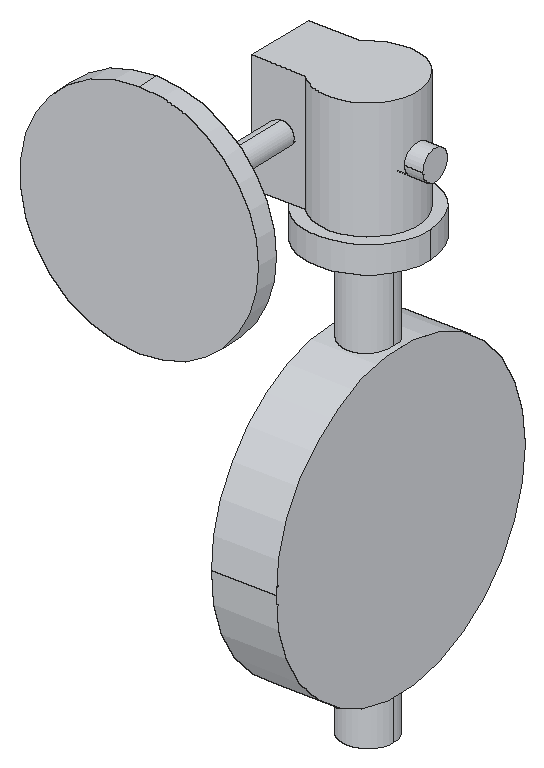
Revit family "HS497-67_disk-litina-převodové kolo DN250-RFA_2019", category Pipe Accessories, Revit 2019
Family settings
  Round Connector Dimension = Use Diameter
  Part Type = Valve - Breaks Into
  Work Plane-Based = No
  Always vertical = Yes
  Cut with Voids When Loaded = No
  Shared = No
Parameters (values of type "HS 497-67_DN250_PN16_převodové kolo")
  magiProductId = "5ee9016806664ddfaa2632711f295c"
  magiProductFamilyId = "53cea81e6f374d17b8841d9c72ad77"
  magiPartTypeId = 305
  isMeasuringValve [instance] = no
  ang2D [instance] = 0.00°
  X11 = 88.77 mm
  X1 = 36.77 mm
  W2D = 1000 mm
  VersionID = "2.0/2017.9.26.1/ZETKAMA_497_001"
  Use Minimum Symbol Size [instance] = yes
  URL = "http://www.hydronic.cz"
  Type Comments = "mezipřírubová; litinový disk; PN16; -10~+110°C (krátkodobě +120°C)"
  SW30 = yes
  SW3 = yes
  SW21 = no
  SW20 = no
  SW2 = no
  SW1 = no
  R = 125 mm
  QmdConnectorList = "301;D;302;D"
  Productdata [instance] = ""
  NC = 70 mm
  Model = ""
  Manufacturer = "Hydronic Systems Prague s.r.o."
  MM20 = 36.77 mm
  MC Product Code = "125 250 (litinový disk, s převodovým kolem; DN250; PN16, kvs4555)"
  M41 = 91.5 mm
  M4 = 61 mm
  LHL = 220 mm
  LHH3 = 2.45 mm
  LHH1 = 46.55 mm
  LH1 = 73.333 mm
  L4R__ve = -L4R  # -22.2 mm
  L4R = 22.2 mm
  L42__ve = -L42  # -166.5 mm
  L42 = 166.5 mm
  L41__ve = -L41  # -33.3 mm
  L41 = 33.3 mm
  L2D_Min = 3048 mm
  L2D = 216 mm
  L2 = 34 mm
  L1 = 54.4 mm
  L = 68 mm
  H = 23 mm
  G22 = 11.25 mm
  G2 = 22.5 mm
  G1 = 90 mm
  G = 130 mm
  F = 22 mm
  E44 = 62.5 mm
  E42 = 125 mm
  E4 = 250 mm
  E23 = 4.9 mm
  E22 = 19.6 mm
  E21 = 9.8 mm
  Description = "Mezipřírubová uzavírací klapka s převodovým kolem; litinový disk, DN250; PN16; kvs4555"
  DR2 = 125 mm
  DR = 324 mm
  DD1 = 31.25 mm
  DD = 25 mm
  D = 250 mm
  CAT0 = yes
  B2__ve = -B2  # -85 mm
  B2 = 85 mm
  A2 = 28.25 mm
  A1 = 129.25 mm
Types (43, lengths in mm): name | magiProductId | X11 | X1 | Type Comments | SW30 | SW3 | SW20 | SW2 | SW1 | R | NC | MM20 | MC Product Code | M41 | M4 | LHL | LHH3 | LHH1 | LH1 | L4R__ve | L4R | L42__ve | L42 | L41__ve | L41 | L2 | L1 | L | H | G | F | E44 | E42 | E4 | E23 | E22 | E21 | Description | DR2 | DR | DD1 | DD | D | B2__ve | B2 | A2 | A1
  HS 497-67_DN100_PN16_volné vřeteno | "65d1b245f4f142c78569c0602d5754" | 61.456 | 25.456 | "mezipřírubová; litinový disk; PN16; -10~+110°C (krátkodobě +120°C)" | no | no | no | no | yes | 50 | 50 | 25.456 | "123 100 (litinový disk, s volným vřetenem; DN100; PN16, kvs512)" | 66 | 44 | 220 | 2.45 | 46.55 | 73.333 | -12.8 | 12.8 | -96 | 96 | -19.2 | 19.2 | 26 | 41.6 | 52 | 30 | 90 | 11 | 31.25 | 62.5 | 125 | 4.9 | 19.6 | 9.8 | "Mezipřírubová uzavírací klapka s volným vřetenem; litinový disk, DN100; PN16; kvs512" | 50 | 147 | 15.625 | 12.5 | 100 | -56 | 56 | 16.5 | 98.5
  HS 497-67_DN100_PN16_převodové kolo | "11e91b807e674d428c8e796fcdcfe2" | 61.456 | 25.456 | "mezipřírubová; litinový disk; PN16; -10~+110°C (krátkodobě +120°C)" | yes | yes | no | no | no | 50 | 50 | 25.456 | "125 100 (litinový disk, s převodovým kolem; DN100; PN16, kvs512)" | 65.25 | 43.5 | 220 | 2.45 | 46.55 | 73.333 | -12.8 | 12.8 | -96 | 96 | -19.2 | 19.2 | 26 | 41.6 | 52 | 30 | 90 | 11 | 31.25 | 62.5 | 125 | 4.9 | 19.6 | 9.8 | "Mezipřírubová uzavírací klapka s převodovým kolem; litinový disk, DN100; PN16; kvs512" | 50 | 147 | 15.625 | 12.5 | 100 | -56 | 56 | 16.5 | 98.5
  HS 497-67_DN100_PN16_s pákou | "28172f0b3f4b47b28323ac71cf8749" | 61.456 | 25.456 | "mezipřírubová; litinový disk; PN16; -10~+110°C (krátkodobě +120°C)" | no | no | yes | yes | no | 50 | 50 | 25.456 | "120 100 (litinový disk, s pákou; DN100; PN16, kvs512)" | 66 | 44 | 260 | 3 | 57 | 86.667 | -12.8 | 12.8 | -96 | 96 | -19.2 | 19.2 | 26 | 41.6 | 52 | 30 | 90 | 11 | 31.25 | 62.5 | 125 | 6 | 24 | 12 | "Mezipřírubová uzavírací klapka s pákou; litinový disk, DN100; PN16; kvs512" | 50 | 147 | 15.625 | 12.5 | 100 | -56 | 56 | 16.5 | 98.5
  HS 497-67_DN125_PN16_volné vřeteno | "0d813d910fc14f628bb3c2efbd185c" | 61.456 | 25.456 | "mezipřírubová; litinový disk; PN16; -10~+110°C (krátkodobě +120°C)" | no | no | no | no | yes | 62.5 | 50 | 25.456 | "123 125 (litinový disk, s volným vřetenem; DN125; PN16, kvs872)" | 66 | 44 | 220 | 2.45 | 46.55 | 73.333 | -12.8 | 12.8 | -96 | 96 | -19.2 | 19.2 | 28 | 44.8 | 56 | 33 | 90 | 14 | 31.25 | 62.5 | 125 | 4.9 | 19.6 | 9.8 | "Mezipřírubová uzavírací klapka s volným vřetenem; litinový disk, DN125; PN16; kvs872" | 62.5 | 180 | 15.625 | 12.5 | 125 | -64 | 64 | 18 | 99.5
  HS 497-67_DN125_PN16_převodové kolo | "c56b7c13f372467684996fb1e0e229" | 61.456 | 25.456 | "mezipřírubová; litinový disk; PN16; -10~+110°C (krátkodobě +120°C)" | yes | yes | no | no | no | 62.5 | 50 | 25.456 | "125 125 (litinový disk, s převodovým kolem; DN125; PN16, kvs872)" | 65.25 | 43.5 | 220 | 2.45 | 46.55 | 73.333 | -13.5 | 13.5 | -101.25 | 101.25 | -20.25 | 20.25 | 28 | 44.8 | 56 | 33 | 90 | 14 | 40 | 80 | 160 | 4.9 | 19.6 | 9.8 | "Mezipřírubová uzavírací klapka s převodovým kolem; litinový disk, DN125; PN16; kvs872" | 62.5 | 180 | 20 | 16 | 125 | -64 | 64 | 18 | 99.5
  HS 497-67_DN125_PN16_s pákou | "105993c79a91492399feef7931321a" | 61.456 | 25.456 | "mezipřírubová; litinový disk; PN16; -10~+110°C (krátkodobě +120°C)" | no | no | yes | yes | no | 62.5 | 50 | 25.456 | "120 125 (litinový disk, s pákou; DN125; PN16, kvs872)" | 66 | 44 | 315 | 3.75 | 71.25 | 105 | -12.8 | 12.8 | -96 | 96 | -19.2 | 19.2 | 28 | 44.8 | 56 | 33 | 90 | 14 | 31.25 | 62.5 | 125 | 7.5 | 30 | 15 | "Mezipřírubová uzavírací klapka s pákou; litinový disk, DN125; PN16; kvs872" | 62.5 | 180 | 15.625 | 12.5 | 125 | -64 | 64 | 18 | 99.5
  HS 497-67_DN150_PN16_volné vřeteno | "50c80cb8ab434f55ab7796e5ac1331" | 61.456 | 25.456 | "mezipřírubová; litinový disk; PN16; -10~+110°C (krátkodobě +120°C)" | no | no | no | no | yes | 75 | 50 | 25.456 | "123 150 (litinový disk, s volným vřetenem; DN150; PN16, kvs1347)" | 66 | 44 | 220 | 2.45 | 46.55 | 73.333 | -12.8 | 12.8 | -96 | 96 | -19.2 | 19.2 | 28 | 44.8 | 56 | 33 | 90 | 14 | 31.25 | 62.5 | 125 | 4.9 | 19.6 | 9.8 | "Mezipřírubová uzavírací klapka s volným vřetenem; litinový disk, DN150; PN16; kvs1347" | 75 | 206 | 15.625 | 12.5 | 150 | -58 | 58 | 19.3 | 98.7
  HS 497-67_DN150_PN16_převodové kolo | "d94a1a0cf83b476eb10011b327f709" | 61.456 | 25.456 | "mezipřírubová; litinový disk; PN16; -10~+110°C (krátkodobě +120°C)" | yes | yes | no | no | no | 75 | 50 | 25.456 | "125 150 (litinový disk, s převodovým kolem; DN150; PN16, kvs1347)" | 65.25 | 43.5 | 220 | 2.45 | 46.55 | 73.333 | -13.5 | 13.5 | -101.25 | 101.25 | -20.25 | 20.25 | 28 | 44.8 | 56 | 33 | 90 | 14 | 40 | 80 | 160 | 4.9 | 19.6 | 9.8 | "Mezipřírubová uzavírací klapka s převodovým kolem; litinový disk, DN150; PN16; kvs1347" | 75 | 206 | 20 | 16 | 150 | -58 | 58 | 19.3 | 98.7
  HS 497-67_DN150_PN16_s pákou | "4d2835523fe84828bc50ff0a5a0dfb" | 61.456 | 25.456 | "mezipřírubová; litinový disk; PN16; -10~+110°C (krátkodobě +120°C)" | no | no | yes | yes | no | 75 | 50 | 25.456 | "120 150 (litinový disk, s pákou; DN150; PN16, kvs1347)" | 66 | 44 | 315 | 3.75 | 71.25 | 105 | -12.8 | 12.8 | -96 | 96 | -19.2 | 19.2 | 28 | 44.8 | 56 | 33 | 90 | 14 | 31.25 | 62.5 | 125 | 7.5 | 30 | 15 | "Mezipřírubová uzavírací klapka s pákou; litinový disk, DN150; PN16; kvs1347" | 75 | 206 | 15.625 | 12.5 | 150 | -58 | 58 | 19.3 | 98.7
  HS 497-67_DN200_PN16_volné vřeteno | "5b29029eaeba47139ee1055a4b9201" | 61.456 | 25.456 | "mezipřírubová; litinový disk; PN16; -10~+110°C (krátkodobě +120°C)" | no | no | no | no | yes | 100 | 50 | 25.456 | "123 200 (litinový disk, s volným vřetenem; DN200; PN16, kvs2675)" | 66 | 44 | 220 | 2.45 | 46.55 | 73.333 | -12.8 | 12.8 | -96 | 96 | -19.2 | 19.2 | 30 | 48 | 60 | 33 | 90 | 17 | 31.25 | 62.5 | 125 | 4.9 | 19.6 | 9.8 | "Mezipřírubová uzavírací klapka s volným vřetenem; litinový disk, DN200; PN16; kvs2675" | 100 | 257 | 15.625 | 12.5 | 200 | -70 | 70 | 22.5 | 102.5
  HS 497-67_DN200_PN16_převodové kolo | "b2793cc1fcc44cf2a35062cd67c04f" | 61.456 | 25.456 | "mezipřírubová; litinový disk; PN16; -10~+110°C (krátkodobě +120°C)" | yes | yes | no | no | no | 100 | 57 | 25.456 | "125 200 (litinový disk, s převodovým kolem; DN200; PN16, kvs2675)" | 78.75 | 52.5 | 220 | 2.45 | 46.55 | 73.333 | -15.2 | 15.2 | -114 | 114 | -22.8 | 22.8 | 30 | 48 | 60 | 33 | 90 | 17 | 50 | 100 | 200 | 4.9 | 19.6 | 9.8 | "Mezipřírubová uzavírací klapka s převodovým kolem; litinový disk, DN200; PN16; kvs2675" | 100 | 257 | 25 | 20 | 200 | -70 | 70 | 22.5 | 102.5
  HS 497-67_DN200_PN16_s pákou | "f88d96c7af224537a51e72d7d8fffe" | 61.456 | 25.456 | "mezipřírubová; litinový disk; PN16; -10~+110°C (krátkodobě +120°C)" | no | no | yes | yes | no | 100 | 50 | 25.456 | "120 200 (litinový disk, s pákou; DN200; PN16, kvs2675)" | 66 | 44 | 315 | 3.75 | 71.25 | 105 | -12.8 | 12.8 | -96 | 96 | -19.2 | 19.2 | 30 | 48 | 60 | 33 | 90 | 17 | 31.25 | 62.5 | 125 | 7.5 | 30 | 15 | "Mezipřírubová uzavírací klapka s pákou; litinový disk, DN200; PN16; kvs2675" | 100 | 257 | 15.625 | 12.5 | 200 | -70 | 70 | 22.5 | 102.5
  HS 497-67_DN250_PN16_volné vřeteno | "b662e8305ca2402b9c510e66e6aa55" | 88.77 | 36.77 | "mezipřírubová; litinový disk; PN16; -10~+110°C (krátkodobě +120°C)" | no | no | no | no | yes | 125 | 50 | 36.77 | "123 250 (litinový disk, s volným vřetenem; DN250; PN16, kvs4555)" | 66 | 44 | 220 | 2.45 | 46.55 | 73.333 | -12.8 | 12.8 | -96 | 96 | -19.2 | 19.2 | 34 | 54.4 | 68 | 23 | 130 | 22 | 31.25 | 62.5 | 125 | 4.9 | 19.6 | 9.8 | "Mezipřírubová uzavírací klapka s volným vřetenem; litinový disk, DN250; PN16; kvs4555" | 125 | 324 | 15.625 | 12.5 | 250 | -85 | 85 | 28.25 | 129.25
  HS 497-67_DN250_PN16_převodové kolo | "5ee9016806664ddfaa2632711f295c" | 88.77 | 36.77 | "mezipřírubová; litinový disk; PN16; -10~+110°C (krátkodobě +120°C)" | yes | yes | no | no | no | 125 | 70 | 36.77 | "125 250 (litinový disk, s převodovým kolem; DN250; PN16, kvs4555)" | 91.5 | 61 | 220 | 2.45 | 46.55 | 73.333 | -22.2 | 22.2 | -166.5 | 166.5 | -33.3 | 33.3 | 34 | 54.4 | 68 | 23 | 130 | 22 | 62.5 | 125 | 250 | 4.9 | 19.6 | 9.8 | "Mezipřírubová uzavírací klapka s převodovým kolem; litinový disk, DN250; PN16; kvs4555" | 125 | 324 | 31.25 | 25 | 250 | -85 | 85 | 28.25 | 129.25
  HS 497-67_DN300_PN16_volné vřeteno | "e1886f51ff004380a649519258edf2" | 88.77 | 36.77 | "mezipřírubová; litinový disk; PN16; -10~+110°C (krátkodobě +120°C)" | no | no | no | no | yes | 150 | 50 | 36.77 | "123 300 (litinový disk, s volným vřetenem; DN300; PN16, kvs7037)" | 66 | 44 | 220 | 2.45 | 46.55 | 73.333 | -12.8 | 12.8 | -96 | 96 | -19.2 | 19.2 | 39 | 62.4 | 78 | 23 | 130 | 22 | 31.25 | 62.5 | 125 | 4.9 | 19.6 | 9.8 | "Mezipřírubová uzavírací klapka s volným vřetenem; litinový disk, DN300; PN16; kvs7037" | 150 | 376 | 15.625 | 12.5 | 300 | -90 | 90 | 30.8 | 127.2
  HS 497-67_DN300_PN16_převodové kolo | "6860f094f77d42088fbebc3c97f755" | 88.77 | 36.77 | "mezipřírubová; litinový disk; PN16; -10~+110°C (krátkodobě +120°C)" | yes | yes | no | no | no | 150 | 70 | 36.77 | "125 300 (litinový disk, s převodovým kolem; DN300; PN16, kvs7037)" | 91.5 | 61 | 220 | 2.45 | 46.55 | 73.333 | -22.2 | 22.2 | -166.5 | 166.5 | -33.3 | 33.3 | 39 | 62.4 | 78 | 23 | 130 | 22 | 62.5 | 125 | 250 | 4.9 | 19.6 | 9.8 | "Mezipřírubová uzavírací klapka s převodovým kolem; litinový disk, DN300; PN16; kvs7037" | 150 | 376 | 31.25 | 25 | 300 | -90 | 90 | 30.8 | 127.2
  HS 497-67_DN032_PN16_volné vřeteno | "8c5f65de52aa4067a77564107e31b2" | 61.456 | 25.456 | "mezipřírubová; litinový disk; PN16; -10~+110°C (krátkodobě +120°C)" | no | no | no | no | yes | 16 | 50 | 25.456 | "123 032 (litinový disk, s volným vřetenem; DN32; PN16, kvs78)" | 66 | 44 | 220 | 2.45 | 46.55 | 73.333 | -12.8 | 12.8 | -96 | 96 | -19.2 | 19.2 | 16.5 | 26.4 | 33 | 30 | 90 | 11 | 31.25 | 62.5 | 125 | 4.9 | 19.6 | 9.8 | "Mezipřírubová uzavírací klapka s volným vřetenem; litinový disk, DN32; PN16; kvs78" | 16 | 68 | 15.625 | 12.5 | 32 | -44.2 | 44.2 | 10.25 | 76.25
  HS 497-67_DN032_PN16_převodové kolo | "60aaeffa8b3a4e809ef000e4660060" | 61.456 | 25.456 | "mezipřírubová; litinový disk; PN16; -10~+110°C (krátkodobě +120°C)" | yes | yes | no | no | no | 16 | 50 | 25.456 | "125 032 (litinový disk, s převodovým kolem; DN32; PN16, kvs78)" | 65.25 | 43.5 | 220 | 2.45 | 46.55 | 73.333 | -12.8 | 12.8 | -96 | 96 | -19.2 | 19.2 | 16.5 | 26.4 | 33 | 30 | 90 | 11 | 31.25 | 62.5 | 125 | 4.9 | 19.6 | 9.8 | "Mezipřírubová uzavírací klapka s převodovým kolem; litinový disk, DN32; PN16; kvs78" | 16 | 68 | 15.625 | 12.5 | 32 | -44.2 | 44.2 | 10.25 | 76.25
  HS 497-67_DN032_PN16_s pákou | "9ad8088d610749a1b871aa2aad8007" | 61.456 | 25.456 | "mezipřírubová; litinový disk; PN16; -10~+110°C (krátkodobě +120°C)" | no | no | yes | yes | no | 16 | 50 | 25.456 | "120 032 (litinový disk, s pákou; DN32; PN16, kvs78)" | 66 | 44 | 220 | 2.45 | 46.55 | 73.333 | -12.8 | 12.8 | -96 | 96 | -19.2 | 19.2 | 16.5 | 26.4 | 33 | 30 | 90 | 11 | 31.25 | 62.5 | 125 | 4.9 | 19.6 | 9.8 | "Mezipřírubová uzavírací klapka s pákou; litinový disk, DN32; PN16; kvs78" | 16 | 68 | 15.625 | 12.5 | 32 | -44.2 | 44.2 | 10.25 | 76.25
  HS 497-67_DN350_PN10_volné vřeteno | "72a1e05f22944421b7e9596a877137" | 109.255 | 45.255 | "mezipřírubová; litinový disk; PN10; -10~+110°C (krátkodobě +120°C)" | no | no | no | no | yes | 175 | 50 | 45.255 | "123 350 (litinový disk, s volným vřetenem; DN350; PN10, kvs10165)" | 66 | 44 | 220 | 2.45 | 46.55 | 73.333 | -12.8 | 12.8 | -96 | 96 | -19.2 | 19.2 | 39 | 62.4 | 78 | 31 | 160 | 22 | 31.25 | 62.5 | 125 | 4.9 | 19.6 | 9.8 | "Mezipřírubová uzavírací klapka s volným vřetenem; litinový disk, DN350; PN10; kvs10165" | 175 | 430 | 15.625 | 12.5 | 350 | -88 | 88 | 33.85 | 129.65
  HS 497-67_DN350_PN10_převodové kolo | "a5a01426cb28494ba3afca92f1dace" | 109.255 | 45.255 | "mezipřírubová; litinový disk; PN10; -10~+110°C (krátkodobě +120°C)" | yes | yes | no | no | no | 175 | 70 | 45.255 | "125 350 (litinový disk, s převodovým kolem; DN350; PN10, kvs10165)" | 91.5 | 61 | 220 | 2.45 | 46.55 | 73.333 | -22.2 | 22.2 | -166.5 | 166.5 | -33.3 | 33.3 | 39 | 62.4 | 78 | 31 | 160 | 22 | 62.5 | 125 | 250 | 4.9 | 19.6 | 9.8 | "Mezipřírubová uzavírací klapka s převodovým kolem; litinový disk, DN350; PN10; kvs10165" | 175 | 430 | 31.25 | 25 | 350 | -88 | 88 | 33.85 | 129.65
  HS 497-67_DN400_PN10_volné vřeteno | "c70ebeb927c04ab99b176e257ad0a7" | 109.255 | 45.255 | "mezipřírubová; litinový disk; PN10; -10~+110°C (krátkodobě +120°C)" | no | no | no | no | yes | 200 | 50 | 45.255 | "123 400 (litinový disk, s volným vřetenem; DN400; PN10, kvs13799)" | 66 | 44 | 220 | 2.45 | 46.55 | 73.333 | -12.8 | 12.8 | -96 | 96 | -19.2 | 19.2 | 51 | 81.6 | 102 | 31 | 160 | 27 | 31.25 | 62.5 | 125 | 4.9 | 19.6 | 9.8 | "Mezipřírubová uzavírací klapka s volným vřetenem; litinový disk, DN400; PN10; kvs13799" | 200 | 485 | 15.625 | 12.5 | 400 | -108 | 108 | 38 | 142
  HS 497-67_DN400_PN10_převodové kolo | "cc64a4384dcb41b780d81810f4f293" | 109.255 | 45.255 | "mezipřírubová; litinový disk; PN10; -10~+110°C (krátkodobě +120°C)" | yes | yes | no | no | no | 200 | 72.5 | 45.255 | "125 400 (litinový disk, s převodovým kolem; DN400; PN10, kvs13799)" | 103.5 | 69 | 220 | 2.45 | 46.55 | 73.333 | -27.8 | 27.8 | -208.5 | 208.5 | -41.7 | 41.7 | 51 | 81.6 | 102 | 31 | 160 | 27 | 75 | 150 | 300 | 4.9 | 19.6 | 9.8 | "Mezipřírubová uzavírací klapka s převodovým kolem; litinový disk, DN400; PN10; kvs13799" | 200 | 485 | 37.5 | 30 | 400 | -108 | 108 | 38 | 142
  HS 497-67_DN040_PN16_volné vřeteno | "35f92312390745e88df5b5c325d9ee" | 61.456 | 25.456 | "mezipřírubová; litinový disk; PN16; -10~+110°C (krátkodobě +120°C)" | no | no | no | no | yes | 20 | 50 | 25.456 | "123 040 (litinový disk, s volným vřetenem; DN40; PN16, kvs78)" | 66 | 44 | 220 | 2.45 | 46.55 | 73.333 | -12.8 | 12.8 | -96 | 96 | -19.2 | 19.2 | 16.5 | 26.4 | 33 | 30 | 90 | 11 | 31.25 | 62.5 | 125 | 4.9 | 19.6 | 9.8 | "Mezipřírubová uzavírací klapka s volným vřetenem; litinový disk, DN40; PN16; kvs78" | 20 | 76 | 15.625 | 12.5 | 40 | -36 | 36 | 11 | 79
  HS 497-67_DN040_PN16_převodové kolo | "d88e968eae3445bc9b7b4e6ff35127" | 61.456 | 25.456 | "mezipřírubová; litinový disk; PN16; -10~+110°C (krátkodobě +120°C)" | yes | yes | no | no | no | 20 | 50 | 25.456 | "125 040 (litinový disk, s převodovým kolem; DN40; PN16, kvs78)" | 65.25 | 43.5 | 220 | 2.45 | 46.55 | 73.333 | -12.8 | 12.8 | -96 | 96 | -19.2 | 19.2 | 16.5 | 26.4 | 33 | 30 | 90 | 11 | 31.25 | 62.5 | 125 | 4.9 | 19.6 | 9.8 | "Mezipřírubová uzavírací klapka s převodovým kolem; litinový disk, DN40; PN16; kvs78" | 20 | 76 | 15.625 | 12.5 | 40 | -36 | 36 | 11 | 79
  HS 497-67_DN040_PN16_s pákou | "c1b522ca65b4407a98818f232eaacb" | 61.456 | 25.456 | "mezipřírubová; litinový disk; PN16; -10~+110°C (krátkodobě +120°C)" | no | no | yes | yes | no | 20 | 50 | 25.456 | "120 040 (litinový disk, s pákou; DN40; PN16, kvs78)" | 66 | 44 | 220 | 2.45 | 46.55 | 73.333 | -12.8 | 12.8 | -96 | 96 | -19.2 | 19.2 | 16.5 | 26.4 | 33 | 30 | 90 | 11 | 31.25 | 62.5 | 125 | 4.9 | 19.6 | 9.8 | "Mezipřírubová uzavírací klapka s pákou; litinový disk, DN40; PN16; kvs78" | 20 | 76 | 15.625 | 12.5 | 40 | -36 | 36 | 11 | 79
  HS 497-67_DN450_PN10_volné vřeteno | "a8358bc282f14872b3194e530e590a" | 129.74 | 53.74 | "mezipřírubová; litinový disk; PN10; -10~+110°C (krátkodobě +120°C)" | no | no | no | no | yes | 225 | 50 | 53.74 | "123 450 (litinový disk, s volným vřetenem; DN450; PN10, kvs18514)" | 66 | 44 | 220 | 2.45 | 46.55 | 73.333 | -12.8 | 12.8 | -96 | 96 | -19.2 | 19.2 | 57 | 91.2 | 114 | 38 | 190 | 36 | 31.25 | 62.5 | 125 | 4.9 | 19.6 | 9.8 | "Mezipřírubová uzavírací klapka s volným vřetenem; litinový disk, DN450; PN10; kvs18514" | 225 | 536 | 15.625 | 12.5 | 450 | -115 | 115 | 38.05 | 117.45
  HS 497-67_DN450_PN10_převodové kolo | "cdf2d80f54a9414f9cbe50647c0ebd" | 129.74 | 53.74 | "mezipřírubová; litinový disk; PN10; -10~+110°C (krátkodobě +120°C)" | yes | yes | no | no | no | 225 | 91.5 | 53.74 | "125 450 (litinový disk, s převodovým kolem; DN450; PN10, kvs18514)" | 144.75 | 96.5 | 220 | 2.45 | 46.55 | 73.333 | -32.1 | 32.1 | -240.75 | 240.75 | -48.15 | 48.15 | 57 | 91.2 | 114 | 38 | 190 | 36 | 100 | 200 | 400 | 4.9 | 19.6 | 9.8 | "Mezipřírubová uzavírací klapka s převodovým kolem; litinový disk, DN450; PN10; kvs18514" | 225 | 536 | 50 | 40 | 450 | -115 | 115 | 38.05 | 117.45
  HS 497-67_DN500_PN10_volné vřeteno | "8c396e27bb2743f98f3c762b6517cd" | 143.397 | 59.397 | "mezipřírubová; litinový disk; PN10; -10~+110°C (krátkodobě +120°C)" | no | no | no | no | yes | 250 | 50 | 59.397 | "123 500 (litinový disk, s volným vřetenem; DN500; PN10, kvs23805)" | 66 | 44 | 220 | 2.45 | 46.55 | 73.333 | -12.8 | 12.8 | -96 | 96 | -19.2 | 19.2 | 63.5 | 101.6 | 127 | 38 | 210 | 36 | 31.25 | 62.5 | 125 | 4.9 | 19.6 | 9.8 | "Mezipřírubová uzavírací klapka s volným vřetenem; litinový disk, DN500; PN10; kvs23805" | 250 | 593 | 15.625 | 12.5 | 500 | -130 | 130 | 43.25 | 139.25
  HS 497-67_DN500_PN10_převodové kolo | "7647804f32e94cef828a7034a91a46" | 143.397 | 59.397 | "mezipřírubová; litinový disk; PN10; -10~+110°C (krátkodobě +120°C)" | yes | yes | no | no | no | 250 | 91.5 | 59.397 | "125 500 (litinový disk, s převodovým kolem; DN500; PN10, kvs23805)" | 144.75 | 96.5 | 220 | 2.45 | 46.55 | 73.333 | -32.1 | 32.1 | -240.75 | 240.75 | -48.15 | 48.15 | 63.5 | 101.6 | 127 | 38 | 210 | 36 | 100 | 200 | 400 | 4.9 | 19.6 | 9.8 | "Mezipřírubová uzavírací klapka s převodovým kolem; litinový disk, DN500; PN10; kvs23805" | 250 | 593 | 50 | 40 | 500 | -130 | 130 | 43.25 | 139.25
  HS 497-67_DN050_volné vřeteno | "d71f296ecd6d4adf8f6e5d9853b4e0" | 61.456 | 25.456 | "mezipřírubová; litinový disk; PN16; -10~+110°C (krátkodobě +120°C)" | no | no | no | no | yes | 25 | 50 | 25.456 | "123 050 (litinový disk, s volným vřetenem; DN50; PN16, kvs98)" | 66 | 44 | 220 | 2.45 | 46.55 | 73.333 | -12.8 | 12.8 | -96 | 96 | -19.2 | 19.2 | 21.5 | 34.4 | 43 | 30 | 90 | 11 | 31.25 | 62.5 | 125 | 4.9 | 19.6 | 9.8 | "Mezipřírubová uzavírací klapka s volným vřetenem; litinový disk, DN50; PN16; kvs98" | 25 | 100 | 15.625 | 12.5 | 50 | -36.5 | 36.5 | 12 | 83
  HS 497-67_DN050_PN16_převodové kolo | "2fb080deeaed49c58418b94c1da5a4" | 61.456 | 25.456 | "mezipřírubová; litinový disk; PN16; -10~+110°C (krátkodobě +120°C)" | yes | yes | no | no | no | 25 | 50 | 25.456 | "125 050 (litinový disk, s převodovým kolem; DN50; PN16, kvs98)" | 65.25 | 43.5 | 220 | 2.45 | 46.55 | 73.333 | -12.8 | 12.8 | -96 | 96 | -19.2 | 19.2 | 21.5 | 34.4 | 43 | 30 | 90 | 11 | 31.25 | 62.5 | 125 | 4.9 | 19.6 | 9.8 | "Mezipřírubová uzavírací klapka s převodovým kolem; litinový disk, DN50; PN16; kvs98" | 25 | 100 | 15.625 | 12.5 | 50 | -36.5 | 36.5 | 12 | 83
  HS 497-67_DN050_PN16_s pákou | "dabc632061f94877a994b9b4e68112" | 61.456 | 25.456 | "mezipřírubová; litinový disk; PN16; -10~+110°C (krátkodobě +120°C)" | no | no | yes | yes | no | 25 | 50 | 25.456 | "120 050 (litinový disk, s pákou; DN50; PN16, kvs98)" | 66 | 44 | 220 | 2.45 | 46.55 | 73.333 | -12.8 | 12.8 | -96 | 96 | -19.2 | 19.2 | 21.5 | 34.4 | 43 | 30 | 90 | 11 | 31.25 | 62.5 | 125 | 4.9 | 19.6 | 9.8 | "Mezipřírubová uzavírací klapka s pákou; litinový disk, DN50; PN16; kvs98" | 25 | 100 | 15.625 | 12.5 | 50 | -36.5 | 36.5 | 12 | 83
  HS 497-67_DN600_PN10_volné vřeteno | "99d5892c14664fce81a7c5903f7711" | 143.397 | 59.397 | "mezipřírubová; litinový disk; PN10; -10~+110°C (krátkodobě +120°C)" | no | no | no | no | yes | 300 | 50 | 59.397 | "123 600 (litinový disk, s volným vřetenem; DN600; PN10, kvs36778)" | 66 | 44 | 220 | 2.45 | 46.55 | 73.333 | -12.8 | 12.8 | -96 | 96 | -19.2 | 19.2 | 77 | 123.2 | 154 | 80 | 210 | 60 | 31.25 | 62.5 | 125 | 4.9 | 19.6 | 9.8 | "Mezipřírubová uzavírací klapka s volným vřetenem; litinový disk, DN600; PN10; kvs36788" | 300 | 690 | 15.625 | 12.5 | 600 | -140 | 140 | 49.4 | 144.6
  HS 497-67_DN600_PN10_převodové kolo | "b1e26faab48a4c499f6bb11e7e3002" | 143.397 | 59.397 | "mezipřírubová; litinový disk; PN10; -10~+110°C (krátkodobě +120°C)" | yes | yes | no | no | no | 300 | 140 | 59.397 | "125 600 (litinový disk, s převodovým kolem; DN600; PN10, kvs36778)" | 206.25 | 137.5 | 220 | 2.45 | 46.55 | 73.333 | -40.8 | 40.8 | -306 | 306 | -61.2 | 61.2 | 77 | 123.2 | 154 | 80 | 210 | 60 | 125 | 250 | 500 | 4.9 | 19.6 | 9.8 | "Mezipřírubová uzavírací klapka s převodovým kolem; litinový disk, DN600; PN10; kvs36788" | 300 | 690 | 62.5 | 50 | 600 | -140 | 140 | 49.4 | 144.6
  HS 497-67_DN065_PN16_volné vřeteno | "5e5e208646e34ec29f889baab5d08e" | 61.456 | 25.456 | "mezipřírubová; litinový disk; PN16; -10~+110°C (krátkodobě +120°C)" | no | no | no | no | yes | 32.5 | 50 | 25.456 | "123 065 (litinový disk, s volným vřetenem; DN65; PN16, kvs167)" | 66 | 44 | 220 | 2.45 | 46.55 | 73.333 | -12.8 | 12.8 | -96 | 96 | -19.2 | 19.2 | 23 | 36.8 | 46 | 30 | 90 | 11 | 31.25 | 62.5 | 125 | 4.9 | 19.6 | 9.8 | "Mezipřírubová uzavírací klapka s volným vřetenem; litinový disk, DN65; PN16; kv167" | 32.5 | 108 | 15.625 | 12.5 | 65 | -36.5 | 36.5 | 13.5 | 89
  HS 497-67_DN065_PN16_převodové kolo | "654d74c8d15540b0bfe523d988ccb3" | 61.456 | 25.456 | "mezipřírubová; litinový disk; PN16; -10~+110°C (krátkodobě +120°C)" | yes | yes | no | no | no | 32.5 | 50 | 25.456 | "125 065 (litinový disk, s převodovým kolem; DN65; PN16, kvs167)" | 65.25 | 43.5 | 220 | 2.45 | 46.55 | 73.333 | -12.8 | 12.8 | -96 | 96 | -19.2 | 19.2 | 23 | 36.8 | 46 | 30 | 90 | 11 | 31.25 | 62.5 | 125 | 4.9 | 19.6 | 9.8 | "Mezipřírubová uzavírací klapka s převodovým kolem; litinový disk, DN65; PN16; kvs167" | 32.5 | 108 | 15.625 | 12.5 | 65 | -36.5 | 36.5 | 13.5 | 89
  HS 497-67_DN065_PN16_s pákou | "ebeb4b59db0641caaf6d6635ab37b9" | 61.456 | 25.456 | "mezipřírubová; litinový disk; PN16; -10~+110°C (krátkodobě +120°C)" | no | no | yes | yes | no | 32.5 | 50 | 25.456 | "120 065 (litinový disk, s pákou; DN65; PN16, kvs167)" | 66 | 44 | 220 | 2.45 | 46.55 | 73.333 | -12.8 | 12.8 | -96 | 96 | -19.2 | 19.2 | 23 | 36.8 | 46 | 30 | 90 | 11 | 31.25 | 62.5 | 125 | 4.9 | 19.6 | 9.8 | "Mezipřírubová uzavírací klapka s pákou; litinový disk, DN65; PN16; kvs167" | 32.5 | 108 | 15.625 | 12.5 | 65 | -36.5 | 36.5 | 13.5 | 89
  HS 497-67_DN080_PN16_volné vřeteno | "9e85c75c18654e1185a9c48ed6b00e" | 61.456 | 25.456 | "mezipřírubová; litinový disk; PN16; -10~+110°C (krátkodobě +120°C)" | no | no | no | no | yes | 40 | 50 | 25.456 | "123 080 (litinový disk, s volným vřetenem; DN80; PN16, kvs258)" | 66 | 44 | 220 | 2.45 | 46.55 | 73.333 | -12.8 | 12.8 | -96 | 96 | -19.2 | 19.2 | 23 | 36.8 | 46 | 30 | 90 | 11 | 31.25 | 62.5 | 125 | 4.9 | 19.6 | 9.8 | "Mezipřírubová uzavírací klapka s volným vřetenem; litinový disk, DN80; PN16; kvs258" | 40 | 124 | 15.625 | 12.5 | 80 | -54 | 54 | 14.1 | 86.9
  HS 497-67_DN080_PN16_převodové kolo | "5b3c8238c3d041e68c75b199e7ea46" | 61.456 | 25.456 | "mezipřírubová; litinový disk; PN16; -10~+110°C (krátkodobě +120°C)" | yes | yes | no | no | no | 40 | 50 | 25.456 | "125 080 (litinový disk, s převodovým kolem; DN80; PN16, kvs258)" | 65.25 | 43.5 | 220 | 2.45 | 46.55 | 73.333 | -12.8 | 12.8 | -96 | 96 | -19.2 | 19.2 | 23 | 36.8 | 46 | 30 | 90 | 11 | 31.25 | 62.5 | 125 | 4.9 | 19.6 | 9.8 | "Mezipřírubová uzavírací klapka s převodovým kolem; litinový disk, DN80; PN16; kvs258" | 40 | 124 | 15.625 | 12.5 | 80 | -54 | 54 | 14.1 | 86.9
  HS 497-67_DN080_PN16_s pákou | "e414795fab0f4eccb99bc3572c5477" | 61.456 | 25.456 | "mezipřírubová; litinový disk; PN16; -10~+110°C (krátkodobě +120°C)" | no | no | yes | yes | no | 40 | 50 | 25.456 | "120 080 (litinový disk, s pákou; DN80; PN16, kvs258)" | 66 | 44 | 260 | 3 | 57 | 86.667 | -12.8 | 12.8 | -96 | 96 | -19.2 | 19.2 | 23 | 36.8 | 46 | 30 | 90 | 11 | 31.25 | 62.5 | 125 | 6 | 24 | 12 | "Mezipřírubová uzavírací klapka s pákou; litinový disk, DN80; PN16; kvs258" | 40 | 124 | 15.625 | 12.5 | 80 | -54 | 54 | 14.1 | 86.9
  HS 497-67_DN250_PN16_s pákou | "" | 88.77 | 36.77 | "mezipřírubová; litinový disk; PN16; -10~+110°C (krátkodobě +120°C)" | no | no | yes | yes | no | 125 | 70 | 36.77 | "120 250 (litinový disk, s pákou; DN250; PN16, kvs4555)" | 91.5 | 61 | 220 | 2.45 | 46.55 | 73.333 | -22.2 | 22.2 | -166.5 | 166.5 | -33.3 | 33.3 | 34 | 54.4 | 68 | 23 | 130 | 22 | 62.5 | 125 | 250 | 4.9 | 19.6 | 9.8 | "Mezipřírubová uzavírací klapka s pákou; litinový disk, DN250; PN16; kvs4555" | 125 | 324 | 31.25 | 25 | 250 | -85 | 85 | 28.25 | 129.25
  HS 497-67_DN300_PN16_s pákou | "" | 88.77 | 36.77 | "mezipřírubová; litinový disk; PN16; -10~+110°C (krátkodobě +120°C)" | no | no | yes | yes | no | 150 | 70 | 36.77 | "120 300 (litinový disk, s pákou; DN300; PN16, kvs7037)" | 91.5 | 61 | 220 | 2.45 | 46.55 | 73.333 | -22.2 | 22.2 | -166.5 | 166.5 | -33.3 | 33.3 | 39 | 62.4 | 78 | 23 | 130 | 22 | 62.5 | 125 | 250 | 4.9 | 19.6 | 9.8 | "Mezipřírubová uzavírací klapka s pákou; litinový disk, DN300; PN16; kvs7037" | 150 | 376 | 31.25 | 25 | 300 | -90 | 90 | 30.8 | 127.2
Reference planes
  plane 1 "Center (Front/Back)": y = 0
  plane 2 "XYPLANE": z = 0
  plane 3 "Center (Left/Right)": x = 0
  plane 4 "473": x = -36.77
  plane 5 "472": x = -91.5
  plane 6 "471": y = -36.77
  plane 7 "470": y = 36.77
  plane 8 "469": x = -61
  plane 9 "468": y = -199.8
  plane 10 "467": y = -166.5
  plane 11 "466": z = 345
  plane 12 "465": z = 329.05
  plane 13 "464": y = 145.417
  plane 14 "463": z = 319.25
  plane 15 "462": z = 302.1
  plane 16 "461": z = 311.9
  plane 17 "460": y = 72.083
  plane 18 "459": x = -11.25
  plane 19 "458": x = 11.25
  plane 20 "457": y = -6.25
  plane 21 "456": x = -17.5
  plane 22 "455": x = 17.5
  plane 23 "454": z = 316.8
  plane 24 "453": y = 62.083
  plane 25 "452": y = -11.25
  plane 26 "451": x = -22.5
  plane 27 "450": x = 22.5
  plane 28 "449": z = 297.2
  plane 29 "448": z = 292.3
  plane 30 "447": z = -125
  plane 31 "446": z = 282.5
  plane 32 "445": z = 254.25
  plane 33 "444": z = 125
  plane 34 "443": x = 34
  plane 35 "442": x = -34
  plane 36 "441": z = 0
  plane 37 "440": y = 0
  plane 38 "439": x = 0
  plane 39 "438": z = 331.5
  plane 40 "437": z = 316.8
  plane 41 "436": x = 13.7
  plane 42 "435": x = -13.7
  plane 43 "434": y = 220
Forms (mm)
  Extrusion 1, solid, visible <- "SW3"
    sketch origin (-750, 0, 282.5) x (1, 0, 0) y (0, 1, 0)
      loop
        line (658.5, 36.77) -> (658.5, -36.77) -> (713.23, -36.77)
        arc (713.23, -36.77) -> (802, 0) -> (713.23, 36.77) r 52
        line (713.23, 36.77) -> (658.5, 36.77)
    from 0 to 125 <- "E42"
  Extrusion 2, solid, visible <- "SW30"
    sketch origin (0, -750, 0) x (0, 1, 0) y (0, 0, 1)
      loop
        circle (750, 345) r 15.625
    from 0 to 70 <- "NC"
  Extrusion 3, solid, visible <- "SW30"
    sketch origin (750, -199.8, 0) x (-1, 0, 0) y (0, 0, 1)
      loop
        circle (811, 345) r 125
    from 0 to -22.2 <- "L4R__ve"
  Extrusion 4, solid, visible <- "SW3"
    sketch origin (750, -166.5, 0) x (-1, 0, 0) y (0, 0, 1)
      loop
        circle (811, 345) r 15.625
    from 0 to -33.3 <- "L41__ve"
  Extrusion 5, solid, visible <- "SW30"
    sketch origin (750, 0, 0) x (-1, 0, 0) y (0, 0, 1)
      loop
        circle (811, 345) r 12.5
    from 0 to -166.5 <- "L42__ve"
  Blend 6, solid, visible <- "SW21"
    base sketch origin (750, 72.083, 0) x (-1, 0, 0) y (0, 0, 1)
      loop
        line (761.25, 311.9) -> (738.75, 311.9) -> (738.75, 302.1) -> (761.25, 302.1) -> (761.25, 311.9)
    top sketch origin (750, 72.083, 0) x (-1, 0, 0) y (0, 0, 1)
      loop
        line (761.25, 329.05) -> (738.75, 329.05) -> (738.75, 319.25) -> (761.25, 319.25) -> (761.25, 329.05)
    from 0 to 73.333
  Blend 7, solid, visible <- "SW21"
    base sketch origin (750, 62.083, 0) x (-1, 0, 0) y (0, 0, 1)
      loop
        line (761.25, 316.8) -> (738.75, 316.8) -> (738.75, 297.2) -> (761.25, 297.2) -> (761.25, 316.8)
    top sketch origin (750, 62.083, 0) x (-1, 0, 0) y (0, 0, 1)
      loop
        line (761.25, 311.9) -> (738.75, 311.9) -> (738.75, 302.1) -> (761.25, 302.1) -> (761.25, 311.9)
    from 0 to 10
  Blend 8, solid, visible <- "SW21"
    base sketch origin (-750, 0, 297.2) x (1, 0, 0) y (0, 1, 0)
      loop
        line (772.5, 62.083) -> (727.5, 62.083) -> (727.5, -11.25)
        arc (727.5, -11.25) -> (750, -31.25) -> (772.5, -11.25) r 22.656
        line (772.5, -11.25) -> (772.5, 62.083)
    top sketch origin (-750, 0, 297.2) x (1, 0, 0) y (0, 1, 0)
      loop
        line (767.5, 62.083) -> (732.5, 62.083) -> (732.5, -6.25)
        arc (732.5, -6.25) -> (750, -26.25) -> (767.5, -6.25) r 17.656
        line (767.5, -6.25) -> (767.5, 62.083)
    from 0 to 19.6
  Extrusion 9, solid, visible <- "SW2"
    sketch origin (-750, 0, 292.3) x (1, 0, 0) y (0, 1, 0)
      loop
        circle (750, 0) r 11.25
    from 0 to 4.9 <- "E23"
  Extrusion 10, solid, visible <- "SW2"
    sketch origin (-750, 0, 282.5) x (1, 0, 0) y (0, 1, 0)
      loop
        circle (750, 0) r 45
    from 0 to 9.8 <- "E21"
  Extrusion 11, solid, visible <- "CAT0"
    sketch origin (-750, 0, -125) x (1, 0, 0) y (0, 1, 0)
      loop
        circle (750, 0) r 27.2
    from 0 to -85 <- "B2__ve"
  Extrusion 12, solid, visible <- "CAT0"
    sketch origin (-750, 0, 254.25) x (1, 0, 0) y (0, 1, 0)
      loop
        circle (750, 0) r 65
    from 0 to 28.25 <- "A2"
  Extrusion 13, solid, visible <- "CAT0"
    sketch origin (-750, 0, 125) x (1, 0, 0) y (0, 1, 0)
      loop
        circle (750, 0) r 27.2
    from 0 to 129.25 <- "A1"
  Extrusion 14, solid, visible <- "CAT0"
    sketch origin (-34, -750, 0) x (0, 1, 0) y (0, 0, 1)
      loop
        circle (750, 0) r 162
    from 0 to 68 <- "L"
  Extrusion 15, solid, visible <- "SW1"
    sketch origin (-750, 0, 282.5) x (1, 0, 0) y (0, 1, 0)
      loop
        line (761, 11) -> (739, 11) -> (739, -11) -> (761, -11) -> (761, 11)
    from 0 to 23 <- "H"
  Blend 16, solid, visible <- "SW2"
    base sketch origin (750, 145.417, 0) x (-1, 0, 0) y (0, 0, 1)
      loop
        arc (763.7, 326.5) -> (762.236, 330.036) -> (758.7, 331.5) r 5
        line (758.7, 331.5) -> (741.3, 331.5)
        arc (741.3, 331.5) -> (737.764, 330.036) -> (736.3, 326.5) r 5
        line (736.3, 326.5) -> (736.3, 321.8)
        arc (736.3, 321.8) -> (737.764, 318.264) -> (741.3, 316.8) r 5
        line (741.3, 316.8) -> (758.7, 316.8)
        arc (758.7, 316.8) -> (762.236, 318.264) -> (763.7, 321.8) r 5
        line (763.7, 321.8) -> (763.7, 326.5)
    top sketch origin (750, 145.417, 0) x (-1, 0, 0) y (0, 0, 1)
      loop
        arc (763.7, 326.5) -> (762.236, 330.036) -> (758.7, 331.5) r 5
        line (758.7, 331.5) -> (741.3, 331.5)
        arc (741.3, 331.5) -> (737.764, 330.036) -> (736.3, 326.5) r 5
        line (736.3, 326.5) -> (736.3, 321.8)
        arc (736.3, 321.8) -> (737.764, 318.264) -> (741.3, 316.8) r 5
        line (741.3, 316.8) -> (758.7, 316.8)
        arc (758.7, 316.8) -> (762.236, 318.264) -> (763.7, 321.8) r 5
        line (763.7, 321.8) -> (763.7, 326.5)
    from 0 to 74.583
  Blend 17, solid, visible <- "SW20"
    base sketch origin (750, 145.417, 0) x (-1, 0, 0) y (0, 0, 1)
      loop
        line (763.7, 331.5) -> (736.3, 331.5) -> (736.3, 316.8) -> (763.7, 316.8) -> (763.7, 331.5)
    top sketch origin (750, 145.417, 0) x (-1, 0, 0) y (0, 0, 1)
      loop
        line (761.25, 316.8) -> (738.75, 316.8) -> (738.75, 297.2) -> (761.25, 297.2) -> (761.25, 316.8)
    from 0 to -83.333
  Extrusion 18, solid, visible <- "SW20"
    sketch origin (-750, 0, 297.2) x (1, 0, 0) y (0, 1, 0)
      loop
        line (772.5, 62.083) -> (727.5, 62.083) -> (727.5, -11.25)
        arc (727.5, -11.25) -> (750, -31.25) -> (772.5, -11.25) r 22.656
        line (772.5, -11.25) -> (772.5, 62.083)
    from 0 to 19.6 <- "E22"
  Extrusion 19, solid, not visible
    sketch origin (-34, -750, 0) x (0, 1, 0) y (0, 0, 1)
      loop
        circle (750, 0) r 10
    from 0 to 10
  Extrusion 20, solid, not visible
    sketch origin (34, -750, 0) x (0, 1, 0) y (0, 0, 1)
      loop
        circle (750, 0) r 10
    from 0 to -10
Lines and regions (mm)
  reference lines, not visible
    curve 1: circle (2, 2, 0) r 1 normal (0, 0, 1)
  reference lines
    curve 2: line (-36.77, -36.77, 282.5) -> (-36.77, 36.77, 282.5)
    curve 3: line (-17.5, -6.25, 297.2) -> (17.5, -6.25, 297.2)
    curve 4: line (-22.5, -11.25, 297.2) -> (22.5, -11.25, 297.2)
    curve 5: circle (0, 0, 282.5) r 1 normal (0, 0, 1)
    curve 6: line (-22.5, -11.25, 297.2) -> (22.5, -11.25, 297.2)
Dimensions and locks
  plane 1 "Center (Front/Back)" to curve 1 = 2 mm
  "X1": plane 3 "Center (Left/Right)" to plane 4 "473"
  "M41": plane 3 "Center (Left/Right)" to plane 5 "472"
  "MM20": plane 1 "Center (Front/Back)" to plane 6 "471"
  "MM20": plane 1 "Center (Front/Back)" to plane 7 "470"
  "M4": plane 3 "Center (Left/Right)" to plane 8 "469"
  "L41": plane 10 "467" to plane 9 "468"
  "L42": plane 1 "Center (Front/Back)" to plane 10 "467"
  "E44": plane 31 "446" to plane 11 "466"
  "LHH1": plane 31 "446" to plane 12 "465"
  "LH1": plane 17 "460" to plane 13 "464"
  "E21": plane 12 "465" to plane 14 "463"
  "E21": plane 16 "461" to plane 15 "462"
  "E23": plane 23 "454" to plane 16 "461"
  locked: plane 24 "453" to plane 17 "460" at 10
  "G22": plane 3 "Center (Left/Right)" to plane 18 "459"
  "G22": plane 3 "Center (Left/Right)" to plane 19 "458"
  locked: plane 25 "452" to plane 20 "457" at 5
  locked: plane 26 "451" to plane 21 "456" at 5
  locked: plane 27 "450" to plane 22 "455" at 5
  "E22": plane 28 "449" to plane 23 "454"
  "LH1": plane 25 "452" to plane 24 "453"
  "G22": plane 1 "Center (Front/Back)" to plane 25 "452"
  "G2": plane 3 "Center (Left/Right)" to plane 26 "451"
  "G2": plane 3 "Center (Left/Right)" to plane 27 "450"
  "E23": plane 29 "448" to plane 28 "449"
  "E21": plane 31 "446" to plane 29 "448"
  "R": plane 2 "XYPLANE" to plane 30 "447"
  "A2": plane 32 "445" to plane 31 "446"
  "A1": plane 33 "444" to plane 32 "445"
  "DR2": plane 2 "XYPLANE" to plane 33 "444"
  "L2": plane 3 "Center (Left/Right)" to plane 34 "443"
  "L2": plane 3 "Center (Left/Right)" to plane 35 "442"
  locked: plane 2 "XYPLANE" to plane 36 "441"
  locked: plane 1 "Center (Front/Back)" to plane 37 "440"
  locked: plane 3 "Center (Left/Right)" to plane 38 "439"
  "LHH3": plane 12 "465" to plane 39 "438"
  "LHH3": plane 14 "463" to plane 40 "437"
  "LHH3": plane 19 "458" to plane 41 "436"
  "LHH3": plane 18 "459" to plane 42 "435"
  "LHL": plane 1 "Center (Front/Back)" to plane 43 "434"
  "X11": curve 2 to Extrusion 1 sketch curve
  Extrusion 1 sketch curve to Extrusion 1 sketch curve = 0 mm  (x8)
  Blend 6 sketch curve to Blend 6 sketch curve = 0 mm  (x16)
  Blend 7 sketch curve to Blend 7 sketch curve = 0 mm  (x16)
  Blend 8 sketch curve to Blend 8 sketch curve = 0 mm  (x16)
  equal spacing: Extrusion 15 sketch curve, curve 5, Extrusion 15 sketch curve  (x2)
  "F": Extrusion 15 sketch curve to Extrusion 15 sketch curve  (x2)
  Blend 16 sketch curve to Blend 16 sketch curve = 0 mm  (x32)
  Blend 17 sketch curve to Blend 17 sketch curve = 0 mm  (x16)
  Extrusion 18 sketch curve to Extrusion 18 sketch curve = 0 mm  (x8)
  "DD1": diameter of Extrusion 2 sketch curve
  "E4": diameter of Extrusion 3 sketch curve
  "DD1": diameter of Extrusion 4 sketch curve
  "DD": diameter of Extrusion 5 sketch curve
  "G2": diameter of Extrusion 9 sketch curve
  "G1": diameter of Extrusion 10 sketch curve
  "L1": diameter of Extrusion 11 sketch curve
  "G": diameter of Extrusion 12 sketch curve
  "L1": diameter of Extrusion 13 sketch curve
  "DR": diameter of Extrusion 14 sketch curve
  radius of Blend 16 sketch curve = 5 mm  (x8)
  aligned and locked: level to plane 2 "XYPLANE"
  aligned and locked: Extrusion 1 sketch curve to plane 5 "472"
  aligned and locked: plane 7 "470" to Extrusion 1 sketch curve
  aligned and locked: plane 6 "471" to Extrusion 1 sketch curve
  aligned and locked: plane 5 "472" to Extrusion 1 sketch curve
  aligned and locked: plane 4 "473" to Extrusion 1 sketch curve  (x2)
  aligned and locked: plane 4 "473" to curve 2
  aligned and locked: plane 6 "471" to curve 2
  aligned and locked: plane 7 "470" to curve 2
  aligned and locked: Extrusion 1 sketch curve to plane 7 "470"
  aligned and locked: plane 11 "466" to Extrusion 2 sketch curve
  aligned and locked: plane 37 "440" to Extrusion 2 sketch curve
  aligned and locked: plane 8 "469" to Extrusion 3 sketch curve
  aligned and locked: plane 11 "466" to Extrusion 3 sketch curve
  aligned and locked: plane 8 "469" to Extrusion 4 sketch curve
  aligned and locked: plane 11 "466" to Extrusion 4 sketch curve
  aligned and locked: plane 8 "469" to Extrusion 5 sketch curve
  aligned and locked: plane 11 "466" to Extrusion 5 sketch curve
  aligned and locked: plane 12 "465" to Blend 6 sketch curve  (x2)
  aligned and locked: plane 18 "459" to Blend 6 sketch curve  (x4)
  aligned and locked: plane 19 "458" to Blend 6 sketch curve  (x4)
  aligned and locked: plane 14 "463" to Blend 6 sketch curve  (x2)
  aligned and locked: plane 16 "461" to Blend 6 sketch curve  (x2)
  aligned and locked: plane 15 "462" to Blend 6 sketch curve  (x2)
  aligned and locked: plane 13 "464" to Blend 6
  aligned and locked: plane 16 "461" to Blend 7 sketch curve  (x2)
  aligned and locked: plane 18 "459" to Blend 7 sketch curve  (x4)
  aligned and locked: plane 19 "458" to Blend 7 sketch curve  (x4)
  aligned and locked: plane 15 "462" to Blend 7 sketch curve  (x2)
  aligned and locked: plane 23 "454" to Blend 7 sketch curve  (x2)
  aligned and locked: plane 28 "449" to Blend 7 sketch curve  (x2)
  aligned and locked: plane 17 "460" to Blend 7
  aligned and locked: plane 24 "453" to Blend 8 sketch curve  (x4)
  aligned and locked: plane 22 "455" to Blend 8 sketch curve  (x2)
  aligned and locked: plane 21 "456" to Blend 8 sketch curve
  aligned and locked: plane 20 "457" to Blend 8 sketch curve  (x2)
  aligned and locked: curve 3 to plane 20 "457"
  aligned and locked: plane 21 "456" to curve 3
  aligned and locked: plane 22 "455" to curve 3
  aligned and locked: plane 27 "450" to Blend 8 sketch curve  (x2)
  aligned and locked: plane 26 "451" to Blend 8 sketch curve
  aligned and locked: plane 25 "452" to Blend 8 sketch curve  (x2)
  aligned and locked: curve 4 to plane 25 "452"
  aligned and locked: plane 26 "451" to curve 4
  aligned and locked: plane 27 "450" to curve 4
  aligned and locked: plane 23 "454" to Blend 8
  aligned and locked: plane 37 "440" to Extrusion 9 sketch curve
  aligned and locked: plane 38 "439" to Extrusion 9 sketch curve
  aligned and locked: plane 37 "440" to Extrusion 10 sketch curve
  aligned and locked: plane 38 "439" to Extrusion 10 sketch curve
  aligned and locked: plane 37 "440" to Extrusion 11 sketch curve
  aligned and locked: plane 38 "439" to Extrusion 11 sketch curve
  aligned and locked: plane 37 "440" to Extrusion 12 sketch curve
  aligned and locked: plane 38 "439" to Extrusion 12 sketch curve
  aligned and locked: plane 37 "440" to Extrusion 13 sketch curve
  aligned and locked: plane 38 "439" to Extrusion 13 sketch curve
  aligned and locked: plane 36 "441" to Extrusion 14 sketch curve
  aligned and locked: Extrusion 14 sketch curve to plane 37 "440"
  aligned and locked: plane 37 "440" to curve 5
  aligned and locked: plane 38 "439" to curve 5
  aligned and locked: plane 39 "438" to Blend 16 sketch curve  (x2)
  aligned and locked: plane 41 "436" to Blend 16 sketch curve  (x2)
  aligned and locked: Blend 16 sketch curve to plane 40 "437"  (x2)
  aligned and locked: Blend 16 sketch curve to plane 42 "435"  (x2)
  aligned and locked: plane 43 "434" to Blend 16
  aligned and locked: plane 23 "454" to Blend 17 sketch curve  (x2)
  aligned and locked: plane 18 "459" to Blend 17 sketch curve  (x2)
  aligned and locked: plane 19 "458" to Blend 17 sketch curve  (x2)
  aligned and locked: plane 28 "449" to Blend 17 sketch curve  (x2)
  aligned and locked: plane 39 "438" to Blend 17 sketch curve  (x2)
  aligned and locked: plane 42 "435" to Blend 17 sketch curve  (x2)
  aligned and locked: plane 41 "436" to Blend 17 sketch curve  (x2)
  aligned and locked: plane 40 "437" to Blend 17 sketch curve  (x2)
  aligned and locked: Blend 17 to plane 24 "453"
  aligned and locked: plane 24 "453" to Extrusion 18 sketch curve  (x2)
  aligned and locked: plane 27 "450" to Extrusion 18 sketch curve  (x2)
  aligned and locked: plane 26 "451" to Extrusion 18 sketch curve
  aligned and locked: plane 25 "452" to Extrusion 18 sketch curve  (x2)
  aligned and locked: curve 6 to plane 25 "452"
  aligned and locked: plane 26 "451" to curve 6
  aligned and locked: plane 27 "450" to curve 6
  aligned and locked: plane 36 "441" to Extrusion 19 sketch curve
  aligned and locked: Extrusion 19 sketch curve to plane 37 "440"
  aligned and locked: plane 36 "441" to Extrusion 20 sketch curve
  aligned and locked: Extrusion 20 sketch curve to plane 37 "440"
Automatic sketch dimensions
  Blend 8 sketch curve to plane 20 "457" = 2.344 mm  (x2)
  Extrusion 18 sketch curve to plane 20 "457" = 2.344 mm
  plane 25 "452" to Extrusion 19 sketch curve = 1.25 mm
  plane 25 "452" to Extrusion 20 sketch curve = 1.25 mm
  plane 3 "Center (Left/Right)" to curve 1 = 2 mm
  Extrusion 15 sketch curve to plane 3 "Center (Left/Right)" = 11 mm
  Extrusion 15 sketch curve to plane 20 "457" = 4.75 mm
  radius of curve 5 = 1 mm
  radius of curve 1 = 1 mm
Connectors
  piping at (-34, 0, 0), diameter 250, driven by "D"
    settings: on Extrusion 19, index 1, connector inside diameter 609.6 mm, connector length 0 mm, flow factor 0, pipe flow 0.0 L/s, pressure drop 0.0 Pa, fitting loss kfactor 0, connector angle 0.00°, fixture units 0, engagement length 0 mm, angle of deflection 0.00°, flow configuration 0, flow direction 0, fitting loss method 0, system type 29, joint type 0, gender type 0, connector reference index 2, connector utility 0, adjustable connector no, is connector primary yes, connector description ""
  piping at (34, 0, 0), diameter 250, driven by "D"
    settings: on Extrusion 20, index 2, connector inside diameter 609.6 mm, connector length 0 mm, flow factor 0, pipe flow 0.0 L/s, pressure drop 0.0 Pa, fitting loss kfactor 0, connector angle 0.00°, fixture units 0, engagement length 0 mm, angle of deflection 0.00°, flow configuration 0, flow direction 0, fitting loss method 0, system type 29, joint type 0, gender type 0, connector reference index 1, connector utility 0, adjustable connector no, is connector primary no, connector description ""
